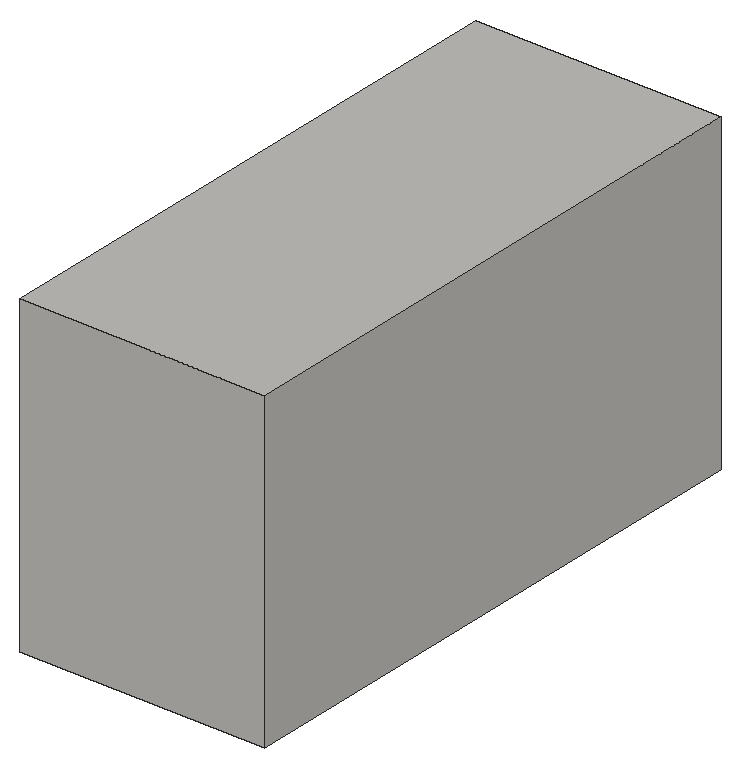
Revit family "Bench_Square-Rect_Noble", category Specialty Equipment, host Face, Revit 2014
Parameters (values of type "Rectangular Bench #411")
  Width = 15 1/2"
  URL = "www.noblecompany.com"
  Type Comments = ""
  Tile [instance] = Stainless Steel - Brushed
  Product Properties = "http://www.noblecompany.com/Portals/0/PRODUCT%20INFO/Product%20Descriptions/FreeStyle%20Linear%20Drain%20Product%20Decription%200410.pdf"
  Product Data = "http://www.noblecompany.com/Products/ShowerProducts/tabid/59/Default.aspx"
  Model = ""
  Manufacturer Phone - Toll Free = "800-878-5788"
  Manufacturer Phone = "231-799-8000"
  Manufacturer Fax = "231-799-8850"
  Manufacturer Email = "mailto:sales@noblecompany.com"
  Manufacturer Address = "7300 Enterprise Drive, Spring Lake, MI  49456 USA"
  Manufacturer = "Noble Company"
  Length = 36"
  Installation-Fabrication = "http://www.noblecompany.com/Portals/0/PRODUCT%20INFO/Product%20Descriptions/FreeStyle%20Linear%20Drain%20Product%20Decription%200410.pdf"
  Height = 20"
  Description = "Freestyle 24 ABS - Wave Linear Drain"
  Building Codes = "http://www.noblecompany.com/Portals/0/TECHNICAL%20INFO/Listing_Testing_Certification_Reports/PMG-1065%20Noble%20Company%20Linear%20Drain%20final%202.pdf"
  Base = Polymer coated Expanded Polystyrene
  Assembly Code = "D2030300"
  Default Elevation = 0"
Types (3): name | Width | Length
  Square Bench #404 | 11 1/2" | 11 1/2"
  Rectangular Bench #411 | 15 1/2" | 36"
  Rectangular Bench #412 | 11 1/2" | 36"
Reference planes (in)
  plane 1 "Center (Front/Back)": y = 0
  plane 2: z = 0
  plane 3 "Center (Left/Right)": x = 0
  plane 4: x = 15.5
  plane 5: y = 36
  plane 6: z = 20
Forms (in)
  Extrusion 1, solid, material "Polymer coated Expanded Polystyrene" <- "Base"
    sketch origin (0, 0, 0) x (1, 0, 0) y (0, 1, 0)
      loop
        line (0, 36) -> (0, 0) -> (15.5, 0) -> (15.5, 36) -> (0, 36)
    from 0 to 20
Dimensions and locks (in)
  "Height": plane 6 to level
  "Length": plane 1 "Center (Front/Back)" to plane 5
  "Width": plane 3 "Center (Left/Right)" to plane 4
  aligned and locked: plane 2 to host face
  aligned and locked: level to host face
  aligned and locked: plane 6 to Extrusion 1
Automatic sketch dimensions
  host sketch curve to host sketch curve = 97.52679"
  host sketch curve to host sketch curve = 96"
  plane 1 "Center (Front/Back)" to Extrusion 1 sketch curve = 0"
  Extrusion 1 sketch curve to plane 3 "Center (Left/Right)" = 0"
  Extrusion 1 sketch curve to plane 4 = 0"
  Extrusion 1 sketch curve to plane 5 = 0"
